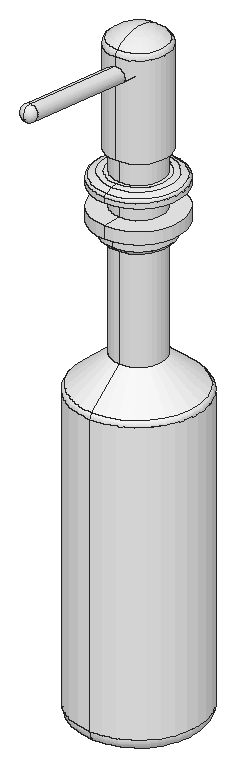
Revit family "Soap_Dispenser-American_Standard-4503_Series", category Specialty Equipment, Revit 2014
Parameters (values of type "4503.120.002")
  Width = 1 3/16"  # constant formula
  Warranty Information = "Limited Lifetime Function and Finish Warranty"  # constant formula
  URL = "https://www.americanstandard-us.com/"
  Product Page URL = "https://www.americanstandard-us.com/kitchens/kitchen-accessories/liquid-soap-dispenser-32550?variant=stainless-steel"
  Product Documentation Link = "https://www.americanstandard-us.com/-/media/sites/asus/files/product-specs/kitchen-accessories/2017/soap-dispenser/4503120-liquid-soap-dispenser/4503120-specsheet.pdf?la=en"
  Price = "Prices may vary. Please consult Manufacturer Representative for most up-to-date price list."  # constant formula
  Model = "4503.120.002"
  Material = "Metal-American Standard-002-Polished Chrome"
  Manufacturer = "American Standard"  # constant formula
  Length = 3"  # constant formula
  Installation Type = "Deck Mounted"  # constant formula
  Height = 2 15/16"  # constant formula
  Finish = Metal-American Standard-002-Polished Chrome
  Description = "Liquid Soap Dispenser"  # constant formula
  Default Elevation = 0"
  Creation Date = "10/04/2019"  # constant formula
  Assembly Code = "C1030"
Types (7): name | Model
  (no name) | "4503.120.002"
  4503.120.002 | "4503.120.002"
  4503.120.075 | "4503.120.075"
  4503.120.013 | "4503.120.013"
  4503.120.278 | "4503.120.278"
  4503.120.224 | "4503.120.224"
  4503.120.243 | "4503.120.243"
Reference planes (in)
  plane 1 "Center (Front/Back)": y = 0
  plane 2: z = 0
  plane 3 "Center (Left/Right)": x = 0
  plane 4: z = 2.9375
  plane 5: y = -3
  plane 6: y = 0.875
  plane 7: y = -0.875
Forms (in)
  Revolve 1, solid, material "Metal-American Standard-002-Polished Chrome" <- "Finish"
    sketch origin (0, 0, 0) x (0, 1, 0) y (0, 0, 1)
      loop
        line (0.49732, 0) -> (0.875, 0) -> (0.875, 0.10277)
        arc (0.875, 0.10277) -> (0.86397, 0.13776) -> (0.83485, 0.1601) r 0.06102
        line (0.83485, 0.1601) -> (0.69818, 0.20985)
        arc (0.69818, 0.20985) -> (0.63914, 0.22567) -> (0.57824, 0.23099) r 0.35069
        line (0.57824, 0.23099) -> (0.49732, 0.23099) -> (0.49732, 0.68456) -> (0.5975, 0.68456) -> (0.5975, 2.62146)
        arc (0.5975, 2.62146) -> (0.5843, 2.68241) -> (0.54704, 2.73243) r 0.14726
        arc (0.54704, 2.73243) -> (0.29211, 2.88455) -> (0, 2.9375) r 0.83218
        line (0, 2.9375) -> (0, -3.18487) -> (0.49732, -3.18487) -> (0.49732, -1.00204) -> (0.5975, -1.00204) -> (0.6717, -0.92784) -> (0.6717, -0.67784) -> (0.875, -0.67784) -> (0.875, -0.42784) -> (0.49732, -0.42784) -> (0.49732, 0)
      axis (0, 2.9375) -> (0, -3.18487)
    angle from 0 to 360
  Revolve 2, solid, material "Metal-American Standard-002-Polished Chrome" <- "Finish"
    sketch origin (0, 0, 0) x (0, 1, 0) y (0, 0, 1)
      loop
        line (-0.04972, 2.3844) -> (-2.82463, 2.72512)
        arc (-2.82463, 2.72512) -> (-2.94363, 2.69212) -> (-3.00444, 2.58464) r 0.16135
        line (-3.00444, 2.58464) -> (-0.06939, 2.22426) -> (-0.04972, 2.3844)
      axis (-0.06939, 2.22426) -> (-3.00444, 2.58464)
    angle from 0 to 360
  Revolve 3, solid, material "Plastic-American Standard-White"
    sketch origin (0, 0, 0) x (0, 1, 0) y (0, 0, 1)
      loop
        line (0.49732, -3.18487) -> (0, -3.18487) -> (0, -10.00737) -> (1.01337, -10.00737)
        arc (1.01337, -10.00737) -> (1.19014, -9.93415) -> (1.26337, -9.75737) r 0.25
        line (1.26337, -9.75737) -> (1.26337, -3.89234)
        arc (1.26337, -3.89234) -> (1.25037, -3.83372) -> (1.21382, -3.78608) r 0.13871
        line (1.21382, -3.78608) -> (0.49732, -3.18487)
      axis (0, -3.18487) -> (0, -10.00737)
    angle from 0 to 360
Lines and regions (in)
  Masking region 1
    outline origin (0, 0, 0) x (1, 0, 0) y (0, 1, 0)
      loop
        arc (0.16387, -0.85952) -> (0, 0.875) -> (-0.16387, -0.85952) r 0.875
        line (-0.16387, -0.85952) -> (-0.16387, -2.84636)
        arc (-0.16387, -2.84636) -> (0, -3.01022) -> (0.16387, -2.84636) r 0.16387
        line (0.16387, -2.84636) -> (0.16387, -0.85952)
  symbolic lines, style "PlumbingFixtures", detail levels fine
    curve 1: arc (-0.16185, -0.57516, 0) -> (0.00105, -0.5975, 0) -> (0.16387, -0.57459, 0) r 0.5975
  symbolic lines, style "PlumbingFixtures", detail levels medium+fine
    curve 2: line (-0.16387, -0.85952, 0) -> (-0.16387, -0.57459, 0)
    curve 3: line (0.16387, -0.85952, 0) -> (0.16387, -0.57459, 0)
    curve 4: arc (0.16387, -0.57459, 0) -> (-0.00105, 0.5975, 0) -> (-0.16185, -0.57516, 0) r 0.5975
